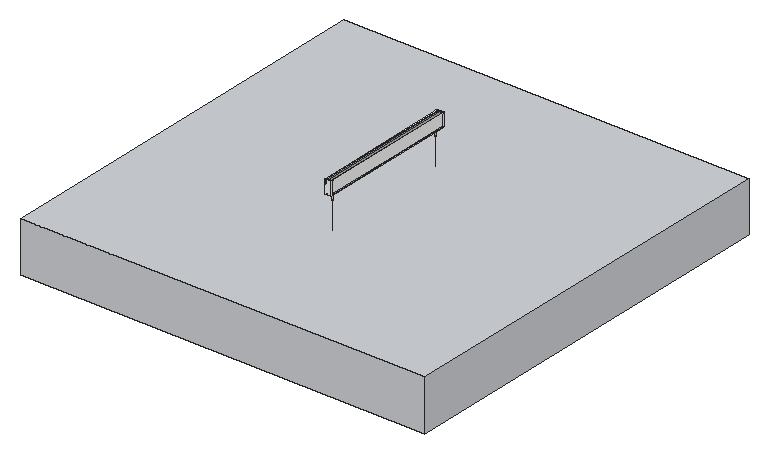
Revit family "LAMP_FIL 35 1680MM D-I OPAL", category Luminarias, Revit 2018
Family settings
  Anfitrión = Cara
  Cota de conector redondo = Diámetro de uso
  Tipo de pieza = Normal
  Corte con vacíos al cargar = No
  Origen de luz = Sí
  Compartido = No
  Punto de cálculo de habitación = No
Parameters (values of type "3388LM 3000K  BLACK")
  Ángulo de inclinación = -90.00°
  Weight = 3.65 kg
  Wattage = 19.38 W
  Type = "MID POWER TRIDONIC"
  built-in parameter 1150107 = 3000 (stored number, unit not read)
  NOT COVER 2 [instance] = not(END COVER 2)  # no
  NOT COVER 1 [instance] = not(END COVER 1)  # no
  Indirect light = LAMP_FIL 35 1680MM D-I OPAL_I : 3000K
  END COVER 2 [instance] = yes
  END COVER 1 [instance] = yes
  Suspension distance [instance] = if(Suspension > 4000 mm, 4000 mm, if(Suspension < 1 mm, 1 mm, Suspension))  # 200 mm
  Suspension [instance] = 200 mm
  built-in parameter 1150110 = 1 (stored number, unit not read)
  built-in parameter 1150109 = 1 (stored number, unit not read)
  built-in parameter 1150112 = 1 (stored number, unit not read)
  built-in parameter 1150113 = 1 (stored number, unit not read)
  built-in parameter 1114218 = 1 (stored number, unit not read)
  Protection rating = "IP20 / IK07"
  Product datasheet = "http://www.lamp.es/product-files/TECH/F31SF168LOIO830NB-EN.pdf"
  Product code = "F31SF168LOIO830NB"
  Product URL = "https://www.lamp.es/en/family/fil-35_413911"
  Power Supply = "220-240V 50/60Hz"
  Power = 27 W
  Plum = 32.3 W
  Photobiological risk = ""
  built-in parameter 1150137 = (empty or 0)
  built-in parameter 1150132 = 2
  Modelo = Product code  # "F31SF168LOIO830NB"
  Model Explanation = ""
  Material suspension = LAMP_Acero genérico
  Material perfil = LAMP_Aluminio Perfil Fil NG
  Material difusor = LAMP_PC Difusor Opal Fil
  Manufacturer name = "LAMP"
  Manufacturer country = "Spain"
  Manufacturer URL = "http://www.lamp.es/en"
  MacAdam = "3"
  Longitud de línea de emisión = 840 mm
  Last update = "14/05/2021"
  Lamp = "MID-POWER LED"
  LED Lifetime = "50.000 L90 B10"
  built-in parameter 1150105 = 161.78 (stored number, unit not read)
  built-in parameter 1150102 = (empty or 0)
  Insulation class = "I"
  Installation instructions = "https://www.lamp.es/product-files/INS/1004590-A%20INSTR.%20FIL35.pdf"
  built-in parameter 1150106 = 1.6178 (stored number, unit not read)
  IEE = "A+"
  Gear = "Electronic"
  Lumens = 2032.96 lm
  Finish = "Matte black RAL 9011"
  Color Filter = 16777215
  built-in parameter 1114217 = 1 (stored number, unit not read)
  built-in parameter 1150139 = (empty or 0)
  Fabricante = Manufacturer name  # "LAMP"
  Default Elevation = 1219.2 mm
  built-in parameter 1150104 = 9.7455 (stored number, unit not read)
  Efficacy = 104.9 lm/W
  Dimensions = "1680x35x80"
  Descripción = "FIL35 SUR 1680 2400 WW D/I OPAL BK."
  built-in parameter 1150115 = 1 (stored number, unit not read)
  built-in parameter 1150114 = 1 (stored number, unit not read)
  built-in parameter 1150138 = (empty or 0)
  built-in parameter 1150134 = 3
  Dimming Lamp Color Temperature Shift = (empty or 0)
  CRI = "80"
  Archivo de red fotométrica = "F31SF168LOIO830NB_D.IES"
  built-in parameter 1150133 = 10 (stored number, unit not read)
Types (12, lengths in mm): name | built-in parameter 1150107 | Indirect light | Product datasheet | Product code | Modelo | Material perfil | built-in parameter 1150105 | built-in parameter 1150106 | Lumens | Finish | built-in parameter 1150104 | Efficacy | Descripción | Archivo de red fotométrica
  3388LM 3000K DALI BLACK | 3000 (stored number, unit not read) | LAMP_FIL 35 1680MM D-I OPAL_I : 3000K | "http://www.lamp.es/product-files/TECH/F31SF168LOIO830DB-EN.pdf" | "F31SF168LOIO830DB" | "F31SF168LOIO830DB" | LAMP_Aluminio Perfil Fil NG | 161.78 (stored number, unit not read) | 1.6178 (stored number, unit not read) | 2032.96 lm | "Matte black RAL 9011" | 9.7455 (stored number, unit not read) | 104.9 lm/W | "FIL35 SUR 1680 2400 WW D/I OPAL DALI BK." | "F31SF168LOIO830NB_D.IES"
  3388LM 3000K DALI GREY | 3000 (stored number, unit not read) | LAMP_FIL 35 1680MM D-I OPAL_I : 3000K | "http://www.lamp.es/product-files/TECH/F31SF168LOIO830DG-EN.pdf" | "F31SF168LOIO830DG" | "F31SF168LOIO830DG" | LAMP_Aluminio Perfil Fil GR | 161.78 (stored number, unit not read) | 1.6178 (stored number, unit not read) | 2032.96 lm | "Gloss grey" | 9.7455 (stored number, unit not read) | 104.9 lm/W | "FIL35 SUR 1680 2400 WW D/I OPAL DALI GR." | "F31SF168LOIO830NB_D.IES"
  3388LM 3000K DALI WHITE | 3000 (stored number, unit not read) | LAMP_FIL 35 1680MM D-I OPAL_I : 3000K | "http://www.lamp.es/product-files/TECH/F31SF168LOIO830DW-EN.pdf" | "F31SF168LOIO830DW" | "F31SF168LOIO830DW" | LAMP_Aluminio Perfil Fil BL | 161.78 (stored number, unit not read) | 1.6178 (stored number, unit not read) | 2032.96 lm | "Matte white RAL 9010" | 9.7455 (stored number, unit not read) | 104.9 lm/W | "FIL35 SUR 1680 2400 WW D/I OPAL DALI WH." | "F31SF168LOIO830NB_D.IES"
  3388LM 3000K  BLACK | 3000 (stored number, unit not read) | LAMP_FIL 35 1680MM D-I OPAL_I : 3000K | "http://www.lamp.es/product-files/TECH/F31SF168LOIO830NB-EN.pdf" | "F31SF168LOIO830NB" | "F31SF168LOIO830NB" | LAMP_Aluminio Perfil Fil NG | 161.78 (stored number, unit not read) | 1.6178 (stored number, unit not read) | 2032.96 lm | "Matte black RAL 9011" | 9.7455 (stored number, unit not read) | 104.9 lm/W | "FIL35 SUR 1680 2400 WW D/I OPAL BK." | "F31SF168LOIO830NB_D.IES"
  3388LM 3000K  GREY | 3000 (stored number, unit not read) | LAMP_FIL 35 1680MM D-I OPAL_I : 3000K | "http://www.lamp.es/product-files/TECH/F31SF168LOIO830NG-EN.pdf" | "F31SF168LOIO830NG" | "F31SF168LOIO830NG" | LAMP_Aluminio Perfil Fil GR | 161.78 (stored number, unit not read) | 1.6178 (stored number, unit not read) | 2032.96 lm | "Gloss grey" | 9.7455 (stored number, unit not read) | 104.9 lm/W | "FIL35 SUR 1680 2400 WW D/I OPAL GR." | "F31SF168LOIO830NB_D.IES"
  3388LM 3000K  WHITE | 3000 (stored number, unit not read) | LAMP_FIL 35 1680MM D-I OPAL_I : 3000K | "http://www.lamp.es/product-files/TECH/F31SF168LOIO830NW-EN.pdf" | "F31SF168LOIO830NW" | "F31SF168LOIO830NW" | LAMP_Aluminio Perfil Fil BL | 161.78 (stored number, unit not read) | 1.6178 (stored number, unit not read) | 2032.96 lm | "Matte white RAL 9010" | 9.7455 (stored number, unit not read) | 104.9 lm/W | "FIL35 SUR 1680 2400 WW D/I OPAL WH." | "F31SF168LOIO830NB_D.IES"
  3569LM 4000K DALI BLACK | 4000 (stored number, unit not read) | LAMP_FIL 35 1680MM D-I OPAL_I : 4000K | "http://www.lamp.es/product-files/TECH/F31SF168LOIO840DB-EN.pdf" | "F31SF168LOIO840DB" | "F31SF168LOIO840DB" | LAMP_Aluminio Perfil Fil NG | 170.41 (stored number, unit not read) | 1.7041 (stored number, unit not read) | 2141.49 lm | "Matte black RAL 9011" | 10.266 (stored number, unit not read) | 110.5 lm/W | "FIL35 SUR 1680 2400 NW D/I OPAL DALI BK." | "F31SF168LOIO840NB_D.IES"
  3569LM 4000K DALI GREY | 4000 (stored number, unit not read) | LAMP_FIL 35 1680MM D-I OPAL_I : 4000K | "http://www.lamp.es/product-files/TECH/F31SF168LOIO840DG-EN.pdf" | "F31SF168LOIO840DG" | "F31SF168LOIO840DG" | LAMP_Aluminio Perfil Fil GR | 170.41 (stored number, unit not read) | 1.7041 (stored number, unit not read) | 2141.49 lm | "Gloss grey" | 10.266 (stored number, unit not read) | 110.5 lm/W | "FIL35 SUR 1680 2400 NW D/I OPAL DALI GR." | "F31SF168LOIO840NB_D.IES"
  3569LM 4000K DALI WHITE | 4000 (stored number, unit not read) | LAMP_FIL 35 1680MM D-I OPAL_I : 4000K | "http://www.lamp.es/product-files/TECH/F31SF168LOIO840DW-EN.pdf" | "F31SF168LOIO840DW" | "F31SF168LOIO840DW" | LAMP_Aluminio Perfil Fil BL | 170.41 (stored number, unit not read) | 1.7041 (stored number, unit not read) | 2141.49 lm | "Matte white RAL 9010" | 10.266 (stored number, unit not read) | 110.5 lm/W | "FIL35 SUR 1680 2400 NW D/I OPAL DALI WH." | "F31SF168LOIO840NB_D.IES"
  3569LM 4000K  BLACK | 4000 (stored number, unit not read) | LAMP_FIL 35 1680MM D-I OPAL_I : 4000K | "http://www.lamp.es/product-files/TECH/F31SF168LOIO840NB-EN.pdf" | "F31SF168LOIO840NB" | "F31SF168LOIO840NB" | LAMP_Aluminio Perfil Fil NG | 507.2 (stored number, unit not read) | 5.072 (stored number, unit not read) | 2141.49 lm | "Matte black RAL 9011" | 10.266 (stored number, unit not read) | 110.5 lm/W | "FIL35 SUR 1680 2400 NW D/I OPAL BK." | "F31SF168LOIO840NB_D.IES"
  3569LM 4000K  GREY | 4000 (stored number, unit not read) | LAMP_FIL 35 1680MM D-I OPAL_I : 4000K | "http://www.lamp.es/product-files/TECH/F31SF168LOIO840NG-EN.pdf" | "F31SF168LOIO840NG" | "F31SF168LOIO840NG" | LAMP_Aluminio Perfil Fil GR | 170.41 (stored number, unit not read) | 1.7041 (stored number, unit not read) | 2141.49 lm | "Gloss grey" | 10.266 (stored number, unit not read) | 110.5 lm/W | "FIL35 SUR 1680 2400 NW D/I OPAL GR." | "F31SF168LOIO840NB_D.IES"
  3569LM 4000K  WHITE | 4000 (stored number, unit not read) | LAMP_FIL 35 1680MM D-I OPAL_I : 4000K | "http://www.lamp.es/product-files/TECH/F31SF168LOIO840NW-EN.pdf" | "F31SF168LOIO840NW" | "F31SF168LOIO840NW" | LAMP_Aluminio Perfil Fil BL | 170.41 (stored number, unit not read) | 1.7041 (stored number, unit not read) | 2141.49 lm | "Matte white RAL 9010" | 10.266 (stored number, unit not read) | 110.5 lm/W | "FIL35 SUR 1680 2400 NW D/I OPAL WH." | "F31SF168LOIO840NB_D.IES"
Reference planes
  plane 1 "Centro (Frontal/Posterior)": y = 0
  plane 2: z = 0
  plane 3 "Centro (Izquierda/Derecha)": x = 0
Forms (mm)
  Extrusion 1, solid
    sketch origin (0, 0, 0) x (1, 0, 0) y (0, 1, 0)
      loop
        line (-1219.2, 1219.2) -> (-1219.2, -1219.2) -> (1219.2, -1219.2) -> (1219.2, 1219.2) -> (-1219.2, 1219.2)
    from 0 to -304.8
  Extrusion 2, solid, material "LAMP_Aluminio Perfil Fil NG" <- "Material perfil"
    sketch origin (0, 0, 0) x (1, 0, 0) y (0, 0, 1)
      loop
        arc (17.75, 285.7) -> (16.75, 286.7) -> (15.75, 285.7) r 1
        line (15.75, 285.7) -> (15.75, 284.2) -> (13.95, 284.2) -> (13.95, 259) -> (0, 259) -> (-13.95, 259) -> (-13.95, 284.2) -> (-15.75, 284.2) -> (-15.75, 285.7)
        arc (-15.75, 285.7) -> (-16.75, 286.7) -> (-17.75, 285.7) r 1
        line (-17.75, 285.7) -> (-17.75, 206.5) -> (-16.75, 206.5) -> (-16.75, 209.7) -> (-12.5, 209.7) -> (-12.5, 207.7) -> (-14.8, 207.7) -> (-13.6, 206.5) -> (-11, 206.5) -> (-11, 214.5) -> (0, 214.5) -> (11, 214.5) -> (11, 206.5) -> (13.6, 206.5) -> (14.8, 207.7) -> (12.5, 207.7) -> (12.5, 209.7) -> (16.75, 209.7) -> (16.75, 206.5) -> (17.75, 206.5) -> (17.75, 285.7)
    from -420 to 420
  Extrusion 3, solid, material "LAMP_Acero genérico" <- "Material suspension"
    sketch origin (0, 0, 0) x (1, 0, 0) y (0, 0, 1)
      loop
        line (-12.5, 201) -> (-15.291, 208.272) -> (-13.251, 209.7) -> (-14.251, 209.7) -> (-16.291, 208.272) -> (-13.116, 200) -> (0, 200) -> (13.116, 200) -> (16.291, 208.272) -> (14.251, 209.7) -> (13.251, 209.7) -> (15.291, 208.272) -> (12.5, 201) -> (0, 201) -> (-12.5, 201)
    from -400 to -378
  Extrusion 4, solid, material "LAMP_Acero genérico" <- "Material suspension"
    sketch origin (0, -24, 0) x (1, 0, 0) y (0, 1, 0)
      loop
        circle (0, -365) r 5
    from 163.2 to 200
  Extrusion 5, solid, material "LAMP_Acero genérico" <- "Material suspension"
    sketch origin (0, 24, 0) x (1, 0, 0) y (0, 1, 0)
      loop
        circle (0, 365) r 5
    from 163.2 to 200
  Extrusion 6, solid, material "LAMP_Acero genérico" <- "Material suspension"
    sketch origin (0, 0, 0) x (1, 0, 0) y (0, 1, 0)
      loop
        circle (0, -389) r 1
    from 0 to 163.2
  Extrusion 7, solid, material "LAMP_Acero genérico" <- "Material suspension"
    sketch origin (0, 0, 0) x (1, 0, 0) y (0, 1, 0)
      loop
        circle (0, 389) r 1
    from 0 to 163.2
  Extrusion 8, solid, material "LAMP_PC Difusor Opal Fil" <- "Material difusor"
    sketch origin (0, 0, -200) x (1, 0, 0) y (0, 0, 1)
      loop
        line (-15.75, 484.2) -> (0, 484.2) -> (15.75, 484.2) -> (15.75, 486.7) -> (0, 486.7) -> (-15.75, 486.7) -> (-15.75, 484.2)
    from 420 to -420
  Extrusion 9, solid, material "LAMP_Acero genérico" <- "Material suspension"
    sketch origin (0, 0, 0) x (1, 0, 0) y (0, 0, -1)
      loop
        line (-12.5, -201) -> (0, -201) -> (12.5, -201) -> (15.291, -208.272) -> (13.251, -209.7) -> (14.251, -209.7) -> (16.291, -208.272) -> (13.116, -200) -> (0, -200) -> (-13.116, -200) -> (-16.291, -208.272) -> (-14.251, -209.7) -> (-13.251, -209.7) -> (-15.291, -208.272) -> (-12.5, -201)
    from -400 to -378
  Extrusion 10, solid, material "LAMP_PC Difusor Opal Fil" <- "Material difusor"
    sketch origin (0, 0, 0) x (1, 0, 0) y (0, 0, 1)
      loop
        line (-11, 214.5) -> (-11, 206.5) -> (-7.529, 206.5) -> (11, 206.5) -> (11, 214.5) -> (10, 214.5) -> (10, 207.5) -> (-10, 207.5) -> (-10, 214.5) -> (-11, 214.5)
    from 420 to -420
Lines and regions (mm)
  reference lines
    curve 1: line (0, -445.47, 200) -> (0, 544.53, 200)
Text (mm)
  text "Any modification of the parameters and properties of the LAMP BIM models must be executed and validated by the LAMP technical department.\nPhone: +34 93 736 68 00\nE-mail: lamp@lamp.es\n\nLAMP reserves the right to modify the technical specifications of its products." at (3279.264, 5298.162, -2684.539), in view "Preview"
Dimensions and locks
  "Suspension distance": level to curve 1
  locked: Extrusion 4 to Extrusion 4 at 36.8
  locked: Extrusion 5 to Extrusion 5 at 36.8
  aligned and locked: plane 2 to Extrusion 1
  aligned and locked: level to Extrusion 1
  aligned and locked: curve 1 to Extrusion 9
  aligned and locked: curve 1 to Extrusion 3
  aligned and locked: Extrusion 4 to curve 1
  aligned and locked: Extrusion 5 to curve 1
  aligned and locked: Extrusion 6 to Extrusion 4
  aligned and locked: Extrusion 7 to Extrusion 5
  aligned and locked: Extrusion 2 to Extrusion 9
  aligned and locked: Extrusion 10 to Extrusion 2
  aligned and locked: Extrusion 8 to Extrusion 2
  aligned and locked: imposter light to Extrusion 8
  aligned and locked: Extrusion 2 to nested 1
  aligned and locked: nested 2 to Extrusion 2
Automatic sketch dimensions
  Extrusion 1 sketch curve to Extrusion 1 sketch curve = 2438.4 mm  (x2)
  Extrusion 4 sketch curve to plane 3 "Centro (Izquierda/Derecha)" = 0 mm
  plane 1 "Centro (Frontal/Posterior)" to Extrusion 4 sketch curve = 389 mm
  Extrusion 5 sketch curve to plane 3 "Centro (Izquierda/Derecha)" = 0 mm
  plane 1 "Centro (Frontal/Posterior)" to Extrusion 5 sketch curve = 389 mm
  Extrusion 6 sketch curve to plane 3 "Centro (Izquierda/Derecha)" = 0 mm
  plane 1 "Centro (Frontal/Posterior)" to Extrusion 6 sketch curve = 389 mm
  Extrusion 7 sketch curve to plane 3 "Centro (Izquierda/Derecha)" = 0 mm
  plane 1 "Centro (Frontal/Posterior)" to Extrusion 7 sketch curve = 389 mm
  Extrusion 10 sketch curve to plane 3 "Centro (Izquierda/Derecha)" = 11 mm
  Extrusion 10 sketch curve to Extrusion 10 sketch curve = 1 mm  (x3)
  Extrusion 10 sketch curve to Extrusion 10 sketch curve = 2.471 mm
  plane 3 "Centro (Izquierda/Derecha)" to Extrusion 10 sketch curve = 10 mm
  level to Extrusion 10 sketch curve = 206.5 mm
  Extrusion 10 sketch curve to Extrusion 10 sketch curve = 7 mm  (x2)
  Extrusion 2 sketch curve to plane 3 "Centro (Izquierda/Derecha)" = 0 mm  (x2)
  Extrusion 2 sketch curve to Extrusion 2 sketch curve = 11 mm
  Extrusion 2 sketch curve to Extrusion 2 sketch curve = 1.5 mm  (x4)
  Extrusion 2 sketch curve to Extrusion 2 sketch curve = 1.1 mm  (x2)
  Extrusion 2 sketch curve to plane 3 "Centro (Izquierda/Derecha)" = 13.95 mm
  Extrusion 2 sketch curve to Extrusion 2 sketch curve = 1.2 mm  (x4)
  Extrusion 2 sketch curve to Extrusion 2 sketch curve = 1.8 mm  (x2)
  Extrusion 2 sketch curve to Extrusion 2 sketch curve = 1 mm  (x3)
  plane 3 "Centro (Izquierda/Derecha)" to Extrusion 2 sketch curve = 11 mm
  plane 3 "Centro (Izquierda/Derecha)" to Extrusion 2 sketch curve = 13.95 mm
  Extrusion 2 sketch curve to Extrusion 2 sketch curve = 1.95 mm
  level to Extrusion 2 sketch curve = 206.5 mm
  Extrusion 2 sketch curve to Extrusion 2 sketch curve = 0 mm  (x3)
  Extrusion 2 sketch curve to Extrusion 2 sketch curve = 2 mm  (x2)
  Extrusion 2 sketch curve to Extrusion 2 sketch curve = 4.8 mm
  Extrusion 2 sketch curve to Extrusion 2 sketch curve = 44.5 mm
  Extrusion 2 sketch curve to Extrusion 2 sketch curve = 25.2 mm
  Extrusion 2 sketch curve to Extrusion 2 sketch curve = 26.7 mm
  Extrusion 8 sketch curve to plane 3 "Centro (Izquierda/Derecha)" = 0 mm  (x2)
  Extrusion 8 sketch curve to Extrusion 8 sketch curve = 15.75 mm
  plane 3 "Centro (Izquierda/Derecha)" to Extrusion 8 sketch curve = 15.75 mm
  level to Extrusion 8 sketch curve = 284.2 mm
  Extrusion 9 sketch curve to plane 3 "Centro (Izquierda/Derecha)" = 0 mm  (x2)
  Extrusion 9 sketch curve to Extrusion 9 sketch curve = 12.5 mm
  Extrusion 9 sketch curve to Extrusion 9 sketch curve = 0.616 mm  (x2)
  Extrusion 9 sketch curve to Extrusion 9 sketch curve = 0.751 mm  (x2)
  Extrusion 9 sketch curve to Extrusion 9 sketch curve = 1 mm  (x5)
  Extrusion 9 sketch curve to Extrusion 9 sketch curve = 1.04 mm  (x2)
  plane 3 "Centro (Izquierda/Derecha)" to Extrusion 9 sketch curve = 12.5 mm
  level to Extrusion 9 sketch curve = 209.7 mm
  Extrusion 9 sketch curve to Extrusion 9 sketch curve = 0 mm  (x3)
  Extrusion 9 sketch curve to Extrusion 9 sketch curve = 1.428 mm  (x2)
  Extrusion 9 sketch curve to Extrusion 9 sketch curve = 7.272 mm
  Extrusion 3 sketch curve to plane 3 "Centro (Izquierda/Derecha)" = 0 mm  (x2)
  Extrusion 3 sketch curve to Extrusion 3 sketch curve = 12.5 mm
  Extrusion 3 sketch curve to Extrusion 3 sketch curve = 0.616 mm  (x2)
  Extrusion 3 sketch curve to Extrusion 3 sketch curve = 0.751 mm  (x2)
  Extrusion 3 sketch curve to Extrusion 3 sketch curve = 1 mm  (x5)
  Extrusion 3 sketch curve to Extrusion 3 sketch curve = 1.04 mm  (x2)
  plane 3 "Centro (Izquierda/Derecha)" to Extrusion 3 sketch curve = 12.5 mm
  level to Extrusion 3 sketch curve = 200 mm
  Extrusion 3 sketch curve to Extrusion 3 sketch curve = 7.272 mm  (x2)
  Extrusion 3 sketch curve to Extrusion 3 sketch curve = 0 mm  (x2)
  Extrusion 3 sketch curve to Extrusion 3 sketch curve = 1.428 mm  (x2)
  Extrusion 8 sketch curve to Extrusion 8 sketch curve = 2.5 mm
  plane 1 "Centro (Frontal/Posterior)" to curve 1 = 445.47 mm
  curve 1 to plane 1 "Centro (Frontal/Posterior)" = 544.53 mm
  radius of Extrusion 4 sketch curve = 5 mm
  radius of Extrusion 5 sketch curve = 5 mm
  radius of Extrusion 6 sketch curve = 1 mm
  radius of Extrusion 7 sketch curve = 1 mm
Nested families
  nested 1: "LAMP_FIL 35 END COVER SURFACE" at (0, -421.4, 206.5), visible <- "END COVER 1", type "Blanco"
  nested 2: "LAMP_FIL 35 END COVER SURFACE" at (0, 421.4, 206.5), visible <- "END COVER 2", type "Blanco"
  nested 3: "LAMP_FIL 35 1680MM D-I OPAL_I" at (0, 0.343, -1293.5), type "3000K"
Connectors
  electrical at (0, 389, 200)
    settings: on Extrusion 5, index 1, voltage 230 V, apparent load 0 VA, apparent load phase1 0 VA, apparent load phase2 0 VA, apparent load phase3 0 VA, power factor 1, load classification "Otro", number of poles 1, system type 31, power factor state 1, is connector primary yes, connector utility no, sub classification motor no, connector description ""
Definition of nested family "LAMP_FIL 35 END COVER SURFACE"
  Parameters (values of type "Blanco")
    Material tapa = none
  Reference planes
    plane 1 "Centro (Frontal/Posterior)": y = 0
    plane 2: z = 0
    plane 3 "Centro (Izquierda/Derecha)": x = 0
  Forms (mm)
    Extrusion 1, solid, material <- "Material tapa"
      sketch origin (0, 0, 0) x (0, -1, 0) y (0, 0, 1)
        loop
          line (0, 0) -> (1.4, 0) -> (1.4, 80.5) -> (-1.4, 80.5) -> (-1.4, 0) -> (0, 0)
      from -17.8 to 17.8
  Dimensions and locks
    aligned and locked: level to plane 2
Definition of nested family "LAMP_FIL 35 1680MM D-I OPAL_I"
  Parameters (values of type "3000K")
    Tilt Angle = -90.00°
    Wattage = 12.92 W
    built-in parameter 1150110 = 1 (stored number, unit not read)
    built-in parameter 1114217 = 1 (stored number, unit not read)
    built-in parameter 1150109 = 1 (stored number, unit not read)
    built-in parameter 1150134 = (empty or 0)
    built-in parameter 1150113 = 1 (stored number, unit not read)
    Lumens = 1355.18 lm
    built-in parameter 1150115 = 1 (stored number, unit not read)
    built-in parameter 1150105 = 107.84 (stored number, unit not read)
    built-in parameter 1150137 = (empty or 0)
    built-in parameter 1150139 = (empty or 0)
    built-in parameter 1150112 = 1 (stored number, unit not read)
    built-in parameter 1150114 = 1 (stored number, unit not read)
    built-in parameter 1150132 = 2
    built-in parameter 1150102 = (empty or 0)
    built-in parameter 1150138 = (empty or 0)
    built-in parameter 1150107 = 3000 (stored number, unit not read)
    built-in parameter 1150106 = 1.0784 (stored number, unit not read)
    built-in parameter 1150104 = 9.7446 (stored number, unit not read)
    Dimming Lamp Color Temperature Shift = (empty or 0)
    Color Filter = 16777215
    built-in parameter 1114218 = 1 (stored number, unit not read)
    Photometric Web File = "F31SF168LOIO830NB_I.IES"
    built-in parameter 1150133 = 10 (stored number, unit not read)
  Types (3, lengths in mm): name | built-in parameter 1150134 | Lumens | built-in parameter 1150105 | built-in parameter 1150107 | built-in parameter 1150106 | built-in parameter 1150104 | Photometric Web File
    (no name) | (empty or 0) | 1355.18 lm | 107.84 (stored number, unit not read) | 3000 (stored number, unit not read) | 1.0784 (stored number, unit not read) | 9.7446 (stored number, unit not read) | "F31SF168LOIO830NB_I.IES"
    3000K | (empty or 0) | 1355.18 lm | 107.84 (stored number, unit not read) | 3000 (stored number, unit not read) | 1.0784 (stored number, unit not read) | 9.7446 (stored number, unit not read) | "F31SF168LOIO830NB_I.IES"
    4000K | 12 | 1427.66 lm | 113.61 (stored number, unit not read) | 4000 (stored number, unit not read) | 1.1361 (stored number, unit not read) | 10.266 (stored number, unit not read) | "F31SF168LOIO840NB_I.IES"
  Reference planes
    plane 1 "Eje de origen de luz (F/P)": y = 0
    plane 2: z = 0
    plane 3 "Eje de origen de luz (I/D)": x = 0
    plane 4 "Elevación de origen de luz": z = 1500
  Dimensions and locks
    aligned and locked: plane 3 "Eje de origen de luz (I/D)" to imposter light
    aligned and locked: plane 1 "Eje de origen de luz (F/P)" to imposter light
    aligned and locked: plane 4 "Elevación de origen de luz" to imposter light
    aligned and locked: level to plane 2
